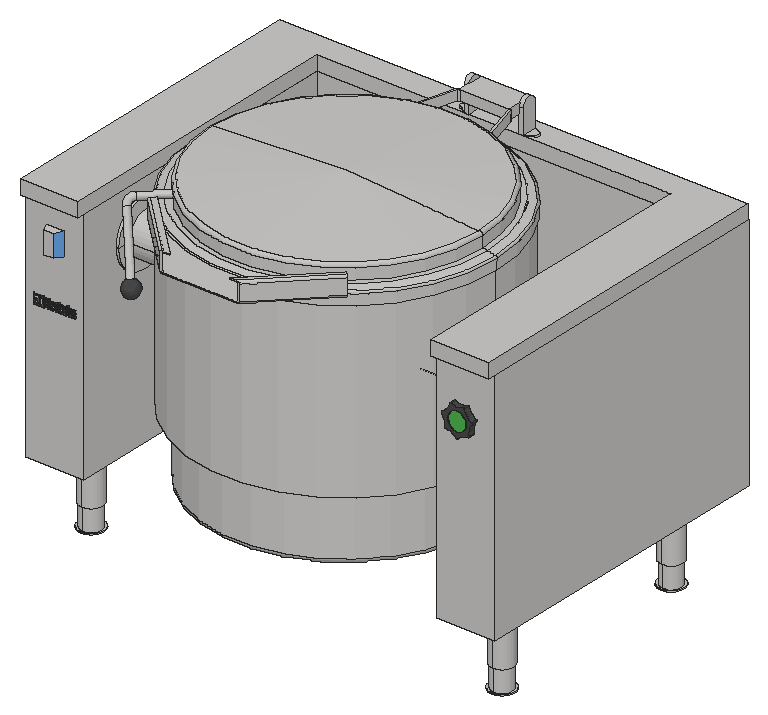
Revit family "QF_ELECTROLUXPROFESSIONAL_587190_PBOT15TCJO", category Attrezzature speciali, Revit 2020 (continued)
Definition of nested family "QF_ELECTROLUXPROFESSIONAL_PBOTSNB900_LEFT"
  Automatic sketch dimensions
    Extrusion 4 sketch curve to Extrusion 4 sketch curve = 1.257 mm  (x2)
    Extrusion 4 sketch curve to Extrusion 4 sketch curve = 2.771 mm
    Extrusion 4 sketch curve to Extrusion 4 sketch curve = 1.497 mm
    Extrusion 4 sketch curve to Extrusion 4 sketch curve = 1.979 mm
    Extrusion 4 sketch curve to Extrusion 4 sketch curve = 1.653 mm
    Extrusion 4 sketch curve to Extrusion 4 sketch curve = 0.085 mm
    Extrusion 4 sketch curve to Extrusion 4 sketch curve = 0.315 mm
    Extrusion 4 sketch curve to Extrusion 4 sketch curve = 3.811 mm
    Extrusion 4 sketch curve to Extrusion 4 sketch curve = 2.136 mm  (x2)
    Extrusion 4 sketch curve to Extrusion 4 sketch curve = 2.352 mm  (x2)
    Extrusion 4 sketch curve to Extrusion 4 sketch curve = 3.797 mm
    Extrusion 4 sketch curve to Extrusion 4 sketch curve = 1.528 mm
    Extrusion 4 sketch curve to Extrusion 4 sketch curve = 1.476 mm  (x2)
    Extrusion 4 sketch curve to Extrusion 4 sketch curve = 1.469 mm  (x2)
    Extrusion 4 sketch curve to Extrusion 4 sketch curve = 3.728 mm
    Extrusion 4 sketch curve to Extrusion 4 sketch curve = 0.046 mm
    Extrusion 4 sketch curve to Extrusion 4 sketch curve = 0.177 mm
    Extrusion 4 sketch curve to Extrusion 4 sketch curve = 0.947 mm
    Extrusion 4 sketch curve to Extrusion 4 sketch curve = 0.308 mm
    Extrusion 4 sketch curve to Extrusion 4 sketch curve = 0.091 mm
    Extrusion 4 sketch curve to Extrusion 4 sketch curve = 2.375 mm
    Extrusion 4 sketch curve to Extrusion 4 sketch curve = 0.94 mm
    Extrusion 4 sketch curve to Extrusion 4 sketch curve = 0.54 mm
    Extrusion 4 sketch curve to Extrusion 4 sketch curve = 0.102 mm
    Extrusion 4 sketch curve to Extrusion 4 sketch curve = 0.002 mm  (x4)
    Extrusion 4 sketch curve to Extrusion 4 sketch curve = 0.105 mm
    Extrusion 4 sketch curve to Extrusion 4 sketch curve = 0.097 mm
    Extrusion 4 sketch curve to plane 3 "Center (Left/Right)" = 0.241 mm
    Extrusion 4 sketch curve to plane 3 "Center (Left/Right)" = 0.412 mm
    Extrusion 4 sketch curve to plane 3 "Center (Left/Right)" = 2.074 mm
    Extrusion 4 sketch curve to Extrusion 4 sketch curve = 1.777 mm
    Extrusion 4 sketch curve to plane 3 "Center (Left/Right)" = 2.704 mm
    Extrusion 4 sketch curve to Extrusion 4 sketch curve = 1.001 mm
    Extrusion 4 sketch curve to Extrusion 4 sketch curve = 1.393 mm  (x2)
    Extrusion 4 sketch curve to Extrusion 4 sketch curve = 2.363 mm
    Extrusion 4 sketch curve to Extrusion 4 sketch curve = 2.253 mm
    Extrusion 4 sketch curve to Extrusion 4 sketch curve = 0.014 mm  (x4)
    Extrusion 4 sketch curve to Extrusion 4 sketch curve = 0.172 mm
    Extrusion 4 sketch curve to Extrusion 4 sketch curve = 0.096 mm
    Extrusion 4 sketch curve to Extrusion 4 sketch curve = 0.164 mm
    Extrusion 4 sketch curve to Extrusion 4 sketch curve = 0.298 mm
    Extrusion 4 sketch curve to Extrusion 4 sketch curve = 0.247 mm
    Extrusion 4 sketch curve to Extrusion 4 sketch curve = 0.084 mm
    Extrusion 4 sketch curve to Extrusion 4 sketch curve = 6.484 mm
    Extrusion 4 sketch curve to Extrusion 4 sketch curve = 2.596 mm
    Extrusion 4 sketch curve to Extrusion 4 sketch curve = 0.059 mm  (x2)
    Extrusion 4 sketch curve to Extrusion 4 sketch curve = 3.889 mm
    Extrusion 4 sketch curve to Extrusion 4 sketch curve = 6.029 mm
    Extrusion 4 sketch curve to Extrusion 4 sketch curve = 0.929 mm
    Extrusion 4 sketch curve to Extrusion 4 sketch curve = 1.102 mm
    Extrusion 4 sketch curve to Extrusion 4 sketch curve = 0.756 mm  (x2)
    Extrusion 4 sketch curve to Extrusion 4 sketch curve = 0.852 mm
    Extrusion 4 sketch curve to Extrusion 4 sketch curve = 0.108 mm
    Extrusion 4 sketch curve to Extrusion 4 sketch curve = 0.101 mm
    Extrusion 4 sketch curve to Extrusion 4 sketch curve = 0.072 mm
    Extrusion 4 sketch curve to Extrusion 4 sketch curve = 1.67 mm
    Extrusion 4 sketch curve to Extrusion 4 sketch curve = 1.834 mm
    Extrusion 4 sketch curve to Extrusion 4 sketch curve = 0.366 mm
    Extrusion 4 sketch curve to Extrusion 4 sketch curve = 0.993 mm
    Extrusion 4 sketch curve to Extrusion 4 sketch curve = 0.81 mm
    Extrusion 4 sketch curve to Extrusion 4 sketch curve = 1.026 mm  (x2)
    Extrusion 4 sketch curve to Extrusion 4 sketch curve = 4.272 mm
    Extrusion 4 sketch curve to Extrusion 4 sketch curve = 0.163 mm
    Extrusion 4 sketch curve to Extrusion 4 sketch curve = 0.551 mm
    plane 14 to Extrusion 4 sketch curve = 6.023 mm
    Extrusion 4 sketch curve to Extrusion 4 sketch curve = 1.451 mm
    plane 14 to Extrusion 4 sketch curve = 5.28 mm
    Extrusion 4 sketch curve to Extrusion 4 sketch curve = 0.045 mm  (x2)
    Extrusion 4 sketch curve to Extrusion 4 sketch curve = 0.241 mm
    Extrusion 4 sketch curve to Extrusion 4 sketch curve = 0.039 mm
    Extrusion 4 sketch curve to Extrusion 4 sketch curve = 1.134 mm
    Extrusion 4 sketch curve to Extrusion 4 sketch curve = 2.351 mm
    Extrusion 4 sketch curve to plane 14 = 0.874 mm
    Extrusion 4 sketch curve to Extrusion 4 sketch curve = 10.128 mm
    Extrusion 4 sketch curve to Extrusion 4 sketch curve = 0.956 mm
    Extrusion 4 sketch curve to Extrusion 4 sketch curve = 1.263 mm
    Extrusion 4 sketch curve to Extrusion 4 sketch curve = 2.577 mm
    Extrusion 4 sketch curve to Extrusion 4 sketch curve = 0.243 mm
    Extrusion 4 sketch curve to Extrusion 4 sketch curve = 0.031 mm
    Extrusion 4 sketch curve to Extrusion 4 sketch curve = 7.148 mm
    Extrusion 4 sketch curve to Extrusion 4 sketch curve = 1.502 mm
    Extrusion 4 sketch curve to Extrusion 4 sketch curve = 11.54 mm
    Extrusion 4 sketch curve to Extrusion 4 sketch curve = 11.758 mm
    Extrusion 4 sketch curve to Extrusion 4 sketch curve = 4.097 mm
    Extrusion 4 sketch curve to Extrusion 4 sketch curve = 0.011 mm
    Extrusion 4 sketch curve to Extrusion 4 sketch curve = 4.488 mm
    plane 18 "CHW" to Extrusion 4 sketch curve = 191.223 mm
    Extrusion 4 sketch curve to Extrusion 4 sketch curve = 3.444 mm  (x2)
    Extrusion 4 sketch curve to Extrusion 4 sketch curve = 3.777 mm
    Extrusion 4 sketch curve to Extrusion 4 sketch curve = 1.093 mm
    Extrusion 4 sketch curve to Extrusion 4 sketch curve = 1.192 mm
    Extrusion 4 sketch curve to Extrusion 4 sketch curve = 0.319 mm
    Extrusion 4 sketch curve to Extrusion 4 sketch curve = 5.798 mm
    Extrusion 4 sketch curve to Extrusion 4 sketch curve = 2.021 mm
    Extrusion 4 sketch curve to Extrusion 4 sketch curve = 2.357 mm  (x3)
    Extrusion 4 sketch curve to Extrusion 4 sketch curve = 0.892 mm  (x3)
    Extrusion 4 sketch curve to Extrusion 4 sketch curve = 1.018 mm
    Extrusion 4 sketch curve to Extrusion 4 sketch curve = 3.382 mm  (x2)
    Extrusion 4 sketch curve to Extrusion 4 sketch curve = 2.117 mm
    Extrusion 4 sketch curve to Extrusion 4 sketch curve = 0.195 mm  (x2)
    Extrusion 4 sketch curve to Extrusion 4 sketch curve = 0.295 mm  (x2)
    Extrusion 4 sketch curve to Extrusion 4 sketch curve = 0.618 mm
    Extrusion 4 sketch curve to Extrusion 4 sketch curve = 0.385 mm  (x2)
    Extrusion 4 sketch curve to Extrusion 4 sketch curve = 1.626 mm  (x2)
    Extrusion 4 sketch curve to Extrusion 4 sketch curve = 1.65 mm
    Extrusion 4 sketch curve to Extrusion 4 sketch curve = 1.662 mm
    Extrusion 4 sketch curve to Extrusion 4 sketch curve = 0.013 mm  (x2)
    Extrusion 4 sketch curve to Extrusion 4 sketch curve = 0.292 mm
    Extrusion 4 sketch curve to Extrusion 4 sketch curve = 0.107 mm  (x2)
    Extrusion 4 sketch curve to Extrusion 4 sketch curve = 0.068 mm  (x2)
    Extrusion 4 sketch curve to Extrusion 4 sketch curve = 0.968 mm
    Extrusion 4 sketch curve to Extrusion 4 sketch curve = 0.365 mm
    Extrusion 4 sketch curve to Extrusion 4 sketch curve = 2.361 mm
    Extrusion 4 sketch curve to Extrusion 4 sketch curve = 2.359 mm
    Extrusion 4 sketch curve to Extrusion 4 sketch curve = 0.531 mm  (x2)
    Extrusion 4 sketch curve to Extrusion 4 sketch curve = 0.928 mm  (x2)
    Extrusion 4 sketch curve to Extrusion 4 sketch curve = 1.058 mm
    Extrusion 4 sketch curve to Extrusion 4 sketch curve = 0.297 mm  (x2)
    Extrusion 4 sketch curve to Extrusion 4 sketch curve = 0.155 mm  (x2)
    Extrusion 4 sketch curve to Extrusion 4 sketch curve = 1.305 mm
    Extrusion 4 sketch curve to Extrusion 4 sketch curve = 1.037 mm
    Extrusion 4 sketch curve to Extrusion 4 sketch curve = 0.182 mm  (x2)
    Extrusion 4 sketch curve to Extrusion 4 sketch curve = 0.607 mm  (x2)
    Extrusion 4 sketch curve to Extrusion 4 sketch curve = 0.304 mm  (x2)
    Extrusion 4 sketch curve to Extrusion 4 sketch curve = 0.372 mm  (x2)
    Extrusion 4 sketch curve to Extrusion 4 sketch curve = 0.016 mm  (x2)
    Extrusion 4 sketch curve to Extrusion 4 sketch curve = 0.996 mm
    Extrusion 4 sketch curve to Extrusion 4 sketch curve = 0.93 mm
    Extrusion 4 sketch curve to Extrusion 4 sketch curve = 0.709 mm  (x2)
    Extrusion 4 sketch curve to Extrusion 4 sketch curve = 1.752 mm
    Extrusion 4 sketch curve to Extrusion 4 sketch curve = 1.017 mm
    Extrusion 4 sketch curve to Extrusion 4 sketch curve = 4.718 mm
    Extrusion 4 sketch curve to Extrusion 4 sketch curve = 0.891 mm
    Extrusion 4 sketch curve to Extrusion 4 sketch curve = 3.826 mm
    Extrusion 4 sketch curve to Extrusion 4 sketch curve = 1.696 mm
    Extrusion 4 sketch curve to Extrusion 4 sketch curve = 0.954 mm
    Extrusion 4 sketch curve to Extrusion 4 sketch curve = 5.576 mm
    Extrusion 4 sketch curve to Extrusion 4 sketch curve = 5.657 mm  (x2)
    Extrusion 4 sketch curve to Extrusion 4 sketch curve = 5.661 mm  (x2)
    Extrusion 4 sketch curve to Extrusion 4 sketch curve = 0.006 mm
    Extrusion 4 sketch curve to Extrusion 4 sketch curve = 1.499 mm
    Extrusion 4 sketch curve to Extrusion 4 sketch curve = 7.186 mm
    Extrusion 4 sketch curve to Extrusion 4 sketch curve = 2.203 mm
    Extrusion 4 sketch curve to Extrusion 4 sketch curve = 2.21 mm
    Extrusion 4 sketch curve to Extrusion 4 sketch curve = 1.607 mm
    Extrusion 4 sketch curve to Extrusion 4 sketch curve = 3.479 mm
    Extrusion 4 sketch curve to Extrusion 4 sketch curve = 3.92 mm
    Extrusion 4 sketch curve to Extrusion 4 sketch curve = 0.05 mm
    Extrusion 4 sketch curve to Extrusion 4 sketch curve = 1.776 mm
    Extrusion 4 sketch curve to Extrusion 4 sketch curve = 4.017 mm
    Extrusion 4 sketch curve to Extrusion 4 sketch curve = 0.196 mm  (x2)
    Extrusion 4 sketch curve to Extrusion 4 sketch curve = 0.19 mm
    Extrusion 4 sketch curve to Extrusion 4 sketch curve = 1.312 mm
    Extrusion 4 sketch curve to Extrusion 4 sketch curve = 0.146 mm
    Extrusion 4 sketch curve to Extrusion 4 sketch curve = 2.831 mm
    Extrusion 4 sketch curve to Extrusion 4 sketch curve = 0.387 mm
    Extrusion 4 sketch curve to Extrusion 4 sketch curve = 0.174 mm
    Extrusion 4 sketch curve to Extrusion 4 sketch curve = 4.623 mm
    Extrusion 4 sketch curve to Extrusion 4 sketch curve = 1.754 mm
    Extrusion 4 sketch curve to Extrusion 4 sketch curve = 0.188 mm
    Extrusion 4 sketch curve to Extrusion 4 sketch curve = 0.02 mm
    Extrusion 4 sketch curve to Extrusion 4 sketch curve = 0.313 mm
    Extrusion 4 sketch curve to Extrusion 4 sketch curve = 0.12 mm
    Extrusion 4 sketch curve to Extrusion 4 sketch curve = 0.062 mm
    Extrusion 4 sketch curve to Extrusion 4 sketch curve = 0.568 mm
    Extrusion 4 sketch curve to Extrusion 4 sketch curve = 1.763 mm
    Extrusion 4 sketch curve to Extrusion 4 sketch curve = 0.095 mm
    Extrusion 4 sketch curve to Extrusion 4 sketch curve = 1.817 mm
    Extrusion 4 sketch curve to Extrusion 4 sketch curve = 0.357 mm
    Extrusion 4 sketch curve to Extrusion 4 sketch curve = 0.008 mm
    Extrusion 4 sketch curve to Extrusion 4 sketch curve = 0.36 mm
    Extrusion 4 sketch curve to Extrusion 4 sketch curve = 3.784 mm
    Extrusion 4 sketch curve to Extrusion 4 sketch curve = 1.654 mm
    Extrusion 4 sketch curve to Extrusion 4 sketch curve = 1.454 mm
    Extrusion 4 sketch curve to Extrusion 4 sketch curve = 1.705 mm
    Extrusion 4 sketch curve to Extrusion 4 sketch curve = 1.893 mm
    Extrusion 4 sketch curve to Extrusion 4 sketch curve = 3.429 mm
    Extrusion 4 sketch curve to Extrusion 4 sketch curve = 1.094 mm
    Extrusion 4 sketch curve to Extrusion 4 sketch curve = 2.218 mm
    Extrusion 4 sketch curve to Extrusion 4 sketch curve = 1.404 mm
    Extrusion 4 sketch curve to Extrusion 4 sketch curve = 5.763 mm
    Extrusion 4 sketch curve to Extrusion 4 sketch curve = 2.932 mm  (x2)
    Extrusion 4 sketch curve to Extrusion 4 sketch curve = 5.959 mm
    Extrusion 4 sketch curve to Extrusion 4 sketch curve = 1.424 mm
    Extrusion 4 sketch curve to Extrusion 4 sketch curve = 3.23 mm
    Extrusion 4 sketch curve to Extrusion 4 sketch curve = 1.975 mm
    Extrusion 4 sketch curve to Extrusion 4 sketch curve = 3.779 mm
    Extrusion 4 sketch curve to Extrusion 4 sketch curve = 2.212 mm
    Extrusion 4 sketch curve to Extrusion 4 sketch curve = 3.78 mm
    Extrusion 4 sketch curve to Extrusion 4 sketch curve = 1.279 mm
    Extrusion 4 sketch curve to Extrusion 4 sketch curve = 1.343 mm  (x2)
    Extrusion 4 sketch curve to Extrusion 4 sketch curve = 1.353 mm  (x2)
    Extrusion 4 sketch curve to Extrusion 4 sketch curve = 0.027 mm  (x2)
    Extrusion 4 sketch curve to Extrusion 4 sketch curve = 0.395 mm  (x2)
    Extrusion 4 sketch curve to Extrusion 4 sketch curve = 0.329 mm  (x2)
    Extrusion 4 sketch curve to Extrusion 4 sketch curve = 0.425 mm  (x2)
    Extrusion 4 sketch curve to Extrusion 4 sketch curve = 0.051 mm  (x2)
    Extrusion 4 sketch curve to Extrusion 4 sketch curve = 0.495 mm  (x2)
    Extrusion 4 sketch curve to Extrusion 4 sketch curve = 0.267 mm  (x2)
    Extrusion 4 sketch curve to Extrusion 4 sketch curve = 1.4 mm
    Extrusion 4 sketch curve to Extrusion 4 sketch curve = 5.233 mm
    Extrusion 4 sketch curve to Extrusion 4 sketch curve = 2.062 mm
    Extrusion 5 sketch curve to plane 13 "HW_CW" = 0.0 mm  (x2)
    Extrusion 5 sketch curve to plane 15 = 0.0 mm
    Extrusion 5 sketch curve to plane 14 = 0.0 mm
    Extrusion 6 sketch curve to plane 3 "Center (Left/Right)" = 0.0 mm
    Extrusion 6 sketch curve to plane 16 "SteamO" = 0.0 mm
    Extrusion 7 sketch curve to plane 3 "Center (Left/Right)" = 0.0 mm
    Extrusion 7 sketch curve to plane 17 "STEAM" = 0.0 mm
    radius of Extrusion 2 sketch curve = 6.35 mm  (x2)
    radius of Extrusion 4 sketch curve = 2.453 mm
    radius of Extrusion 4 sketch curve = 1.557 mm
    radius of Extrusion 4 sketch curve = 1.468 mm
    radius of Extrusion 4 sketch curve = 2.451 mm
    radius of Extrusion 5 sketch curve = 5.0 mm  (x2)
    radius of Extrusion 6 sketch curve = 12.7 mm
    radius of Extrusion 7 sketch curve = 12.7 mm
Definition of nested family "QF_ELECTROLUXPROFESSIONAL_PBOTSMAN900_RIGHT"
  Parameters
    Width = 160.0 mm
    Steam_z = 140.0 mm
    Steam_y = 239.0 mm
    Right = Width / 2  # 80.0 mm
    Default Elevation = 0.0 mm
    Left = -Width / 2  # -80.0 mm
    Htop = 40.0 mm
    Height = 900.0 mm
    H_Man = 730.0 mm
    HBase = 200.0 mm
    EI_z = 250.0 mm
    EI_y = 312.0 mm
    Depth = 900.0 mm
    BorderFront = 20.0 mm
    Body Finish [instance] = none
  Reference planes
    plane 1 "Center (Front/Back)": y = 0
    plane 2: z = 0
    plane 3 "Center (Left/Right)": x = 0
    plane 4 "LEFT": x = -80
    plane 5 "RIGHT": x = 80
    plane 6 "BACK": y = 450
    plane 7 "FRONT": y = -450
    plane 8 "Base": z = 200
    plane 9 "TOP": z = 900
    plane 10 "BorderFront": y = -430
    plane 11: z = 860
    plane 12 "EI": z = 450
    plane 13: y = 138
    plane 14 "STEAM_y": y = 211
    plane 15 "Steam_z": z = 340
    plane 16: z = 730
  Forms (mm)
    Extrusion 1, solid
      sketch origin (0, 0, 0) x (1, 0, 0) y (0, 1, 0)
        loop
          line (-80, 450) -> (-80, -430) -> (80, -430) -> (80, 450) -> (-80, 450)
      from 860 to 200
    Extrusion 2, solid
      sketch origin (0, -430, 0) x (-1, 0, 0) y (0, 0, 1)
        loop
          circle (0, 730) r 20
      from 0 to -15
    Extrusion 3, solid
      sketch origin (0, 450, 0) x (-1, 0, 0) y (0, 0, 1)
        loop
          circle (0, 450) r 5
      from 0 to 2
    Extrusion 4, solid
      sketch origin (0, 0, 200) x (0, 1, 0) y (-1, 0, 0)
        loop
          circle (138, 0) r 10
      from 0 to -3
    Extrusion 5, solid
      sketch origin (0, 0, 200) x (0, 1, 0) y (-1, 0, 0)
        loop
          circle (211, 0) r 12.7
      from 0 to -3
    Extrusion 6, solid
      sketch origin (0, 450, 0) x (-1, 0, 0) y (0, 0, 1)
        loop
          circle (0, 340) r 12.7
      from 0 to 3
    Extrusion 7, solid
      sketch origin (0, -430, 0) x (-1, 0, 0) y (0, 0, 1)
        loop
          circle (0, 730) r 25
        loop
          arc (32.154, 702.068) -> (34.039, 703.003) -> (34.542, 705.047) r 2.5
          arc (34.542, 705.047) -> (34.866, 722.153) -> (42.205, 737.608) r 40.622
          arc (42.205, 737.608) -> (42.662, 739.682) -> (41.359, 741.359) r 2.5
          arc (41.359, 741.359) -> (27.929, 752.374) -> (20.328, 767.992) r 40.622
          arc (20.328, 767.992) -> (18.977, 769.659) -> (16.832, 769.665) r 2.5
          arc (16.832, 769.665) -> (-0.034, 765.787) -> (-16.984, 769.281) r 40.622
          arc (-16.984, 769.281) -> (-19.093, 769.244) -> (-20.423, 767.608) r 2.5
          arc (-20.423, 767.608) -> (-28.052, 752.219) -> (-41.359, 741.359) r 40.622
          arc (-41.359, 741.359) -> (-42.662, 739.682) -> (-42.205, 737.608) r 2.5
          arc (-42.205, 737.608) -> (-34.866, 722.153) -> (-34.542, 705.047) r 40.622
          arc (-34.542, 705.047) -> (-34.039, 703.003) -> (-32.154, 702.068) r 2.5
          arc (-32.154, 702.068) -> (-15.447, 697.989) -> (-1.926, 687.362) r 40.622
          arc (-1.926, 687.362) -> (0, 686.456) -> (1.926, 687.362) r 2.5
          arc (1.926, 687.362) -> (15.447, 697.989) -> (32.154, 702.068) r 40.622
      from -15 to -30
    Extrusion 8, solid
      sketch origin (0, -430, 0) x (-1, 0, 0) y (0, 0, 1)
        loop
          circle (0, 730) r 25
      from -30 to -15
  Lines and regions (mm)
    symbolic lines
      curve 1: line (-80, 450, 0) -> (80, 450, 0)
      curve 2: line (80, 450, 0) -> (80, -430, 0)
  Dimensions and locks
    "Width": plane 4 "LEFT" to plane 5 "RIGHT"
    equal spacing: plane 4 "LEFT", plane 3 "Center (Left/Right)", plane 5 "RIGHT"
    equal spacing: plane 6 "BACK", plane 1 "Center (Front/Back)", plane 7 "FRONT"
    "Depth": plane 6 "BACK" to plane 7 "FRONT"
    "BorderFront": plane 10 "BorderFront" to plane 7 "FRONT"
    "Htop": plane 9 "TOP" to plane 11
    "Height": plane 9 "TOP" to level
    "HBase": plane 8 "Base" to level
    "EI_y": plane 6 "BACK" to plane 13
    "EI_z": plane 12 "EI" to plane 8 "Base"
    "Steam_y": plane 6 "BACK" to plane 14 "STEAM_y"
    plane 15 "Steam_z" to plane 8 "Base" = 140.0 mm
    "H_Man": plane 16 to level
    aligned and locked: level to plane 2
    aligned and locked: plane 10 "BorderFront" to Extrusion 1 sketch curve
    aligned and locked: plane 11 to Extrusion 1
    aligned and locked: Extrusion 1 to plane 8 "Base"
    aligned and locked: plane 4 "LEFT" to Extrusion 1 sketch curve
    aligned and locked: Extrusion 1 sketch curve to plane 5 "RIGHT"
    aligned and locked: Extrusion 1 sketch curve to plane 6 "BACK"
  Automatic sketch dimensions
    Extrusion 3 sketch curve to plane 3 "Center (Left/Right)" = 0.0 mm
    Extrusion 3 sketch curve to plane 12 "EI" = 0.0 mm
    curve 1 to plane 4 "LEFT" = 0.0 mm
    curve 1 to plane 5 "RIGHT" = 0.0 mm
    curve 2 to plane 10 "BorderFront" = 0.0 mm
    curve 1 to plane 6 "BACK" = 0.0 mm
    Extrusion 4 sketch curve to plane 3 "Center (Left/Right)" = 0.0 mm
    Extrusion 4 sketch curve to plane 13 = 0.0 mm
    Extrusion 5 sketch curve to plane 3 "Center (Left/Right)" = 0.0 mm
    Extrusion 5 sketch curve to plane 14 "STEAM_y" = 0.0 mm
    Extrusion 6 sketch curve to plane 3 "Center (Left/Right)" = 0.0 mm
    Extrusion 6 sketch curve to plane 15 "Steam_z" = 0.0 mm
    Extrusion 2 sketch curve to plane 3 "Center (Left/Right)" = 0.0 mm
    Extrusion 2 sketch curve to plane 16 = 0.0 mm
    Extrusion 7 sketch curve to plane 3 "Center (Left/Right)" = 0.0 mm  (x2)
    Extrusion 7 sketch curve to plane 16 = 0.0 mm
    plane 3 "Center (Left/Right)" to Extrusion 7 sketch curve = 0.496 mm
    plane 3 "Center (Left/Right)" to Extrusion 7 sketch curve = 17.999 mm
    plane 3 "Center (Left/Right)" to Extrusion 7 sketch curve = 32.088 mm
    plane 3 "Center (Left/Right)" to Extrusion 7 sketch curve = 33.218 mm
    plane 16 to Extrusion 7 sketch curve = 9.132 mm  (x2)
    Extrusion 7 sketch curve to Extrusion 7 sketch curve = 8.135 mm  (x2)
    Extrusion 7 sketch curve to plane 5 "RIGHT" = 20.191 mm
    Extrusion 7 sketch curve to plane 5 "RIGHT" = 5.593 mm
    Extrusion 7 sketch curve to plane 3 "Center (Left/Right)" = 17.898 mm
    Extrusion 7 sketch curve to plane 3 "Center (Left/Right)" = 32.088 mm
    Extrusion 7 sketch curve to plane 3 "Center (Left/Right)" = 33.218 mm
    plane 4 "LEFT" to Extrusion 7 sketch curve = 20.191 mm
    plane 4 "LEFT" to Extrusion 7 sketch curve = 5.593 mm
    Extrusion 7 sketch curve to plane 16 = 17.153 mm  (x2)
    Extrusion 7 sketch curve to plane 16 = 25.433 mm  (x2)
    Extrusion 7 sketch curve to Extrusion 7 sketch curve = 15.61 mm
    Extrusion 7 sketch curve to Extrusion 7 sketch curve = 27.496 mm
    Extrusion 7 sketch curve to Extrusion 7 sketch curve = 27.864 mm
    Extrusion 7 sketch curve to Extrusion 7 sketch curve = 0.408 mm
    Extrusion 7 sketch curve to Extrusion 7 sketch curve = 10.145 mm
    plane 3 "Center (Left/Right)" to Extrusion 7 sketch curve = 1.926 mm
    Extrusion 7 sketch curve to Extrusion 7 sketch curve = 0.0 mm  (x13)
    Extrusion 7 sketch curve to Extrusion 7 sketch curve = 1.015 mm
    Extrusion 7 sketch curve to Extrusion 7 sketch curve = 1.136 mm
    Extrusion 7 sketch curve to Extrusion 7 sketch curve = 1.982 mm
    Extrusion 8 sketch curve to plane 3 "Center (Left/Right)" = 0.0 mm
    Extrusion 8 sketch curve to plane 16 = 0.0 mm
    radius of Extrusion 3 sketch curve = 5.0 mm
    radius of Extrusion 4 sketch curve = 10.0 mm
    radius of Extrusion 5 sketch curve = 12.7 mm
    radius of Extrusion 6 sketch curve = 12.7 mm
    radius of Extrusion 2 sketch curve = 20.0 mm
    radius of Extrusion 7 sketch curve = 25.0 mm
    radius of Extrusion 8 sketch curve = 25.0 mm
Definition of nested family "QF_ELECTROLUXPROFESSIONAL_2FEET_THL_120xH200"
  Parameters
    Width = 120.0 mm
    Right = Width / 2  # 60.0 mm
    Default Elevation = 0.0 mm
    Left = -Width / 2  # -60.0 mm
    Height = 200.0 mm
    HBase = Height - 15.0 mm  # 185.0 mm
    Depth = 880.0 mm
  Reference planes
    plane 1 "Center (Front/Back)": y = 0
    plane 2: z = 0
    plane 3 "Center (Left/Right)": x = 0
    plane 4 "LEFT": x = -60
    plane 5 "RIGHT": x = 60
    plane 6 "BACK": y = 440
    plane 7 "FRONT": y = -440
    plane 8 "Base": z = 185
    plane 9 "TOP": z = 200
    plane 10: y = 283
    plane 11: y = -304
    plane 12: y = 368
    plane 13: y = -388
    plane 14: x = -80
  Forms (mm)
    Extrusion 1, solid
      sketch origin (0, 0, 200) x (0, 1, 0) y (-1, 0, 0)
        loop
          line (368, 60) -> (-388, 60) -> (-388, -60) -> (368, -60) -> (368, 60)
      from 0 to -15
    Revolve 2, solid
      sketch origin (0, 0, 0) x (0, 1, 0) y (0, 0, 1)
        loop
          line (283, 0) -> (318, 0) -> (318, 2) -> (311.179, 2) -> (311.179, 63) -> (314.75, 63) -> (314.75, 185) -> (283, 185) -> (283, 0)
        axis (283, 185) -> (283, 0)
      angle from 0 to 360
    Revolve 3, solid
      sketch origin (0, 0, 0) x (0, 1, 0) y (0, 0, 1)
        loop
          line (-304, 185) -> (-304, 0) -> (-269, 0) -> (-269, 2) -> (-275.821, 2) -> (-275.821, 63) -> (-272.25, 63) -> (-272.25, 185) -> (-304, 185)
        axis (-304, 185) -> (-304, 0)
      angle from 0 to 360
  Dimensions and locks
    "Width": plane 4 "LEFT" to plane 5 "RIGHT"
    equal spacing: plane 4 "LEFT", plane 3 "Center (Left/Right)", plane 5 "RIGHT"
    equal spacing: plane 6 "BACK", plane 1 "Center (Front/Back)", plane 7 "FRONT"
    "Depth": plane 6 "BACK" to plane 7 "FRONT"
    "HBase": plane 8 "Base" to level
    "Height": plane 9 "TOP" to level
    locked: plane 6 "BACK" to plane 10 at 157
    locked: plane 10 to plane 11 at 587
    plane 6 "BACK" to plane 12 = 72.0 mm
    plane 13 to plane 7 "FRONT" = 52.0 mm
    plane 12 to plane 13 = 756.0 mm
    plane 14 to plane 3 "Center (Left/Right)" = 80.0 mm
    aligned and locked: level to plane 2
    aligned and locked: Extrusion 1 sketch curve to plane 5 "RIGHT"
    aligned and locked: plane 4 "LEFT" to Extrusion 1 sketch curve
    aligned and locked: Extrusion 1 to plane 8 "Base"
    aligned and locked: Extrusion 1 sketch curve to plane 12
    aligned and locked: plane 13 to Extrusion 1 sketch curve
  Automatic sketch dimensions
    Revolve 2 sketch curve to level = 0.0 mm
    Revolve 2 sketch curve to plane 10 = 0.0 mm  (x2)
    Revolve 2 sketch curve to plane 8 "Base" = 0.0 mm
    plane 10 to Revolve 2 sketch curve = 28.179 mm
    Revolve 2 sketch curve to Revolve 2 sketch curve = 31.75 mm
    Revolve 2 sketch curve to Revolve 2 sketch curve = 6.821 mm
    level to Revolve 2 sketch curve = 2.0 mm
    Revolve 2 sketch curve to Revolve 2 sketch curve = 61.0 mm
    Revolve 2 sketch curve to level = 50.0 mm
    plane 9 "TOP" to Revolve 2 sketch curve = 70.0 mm
    Revolve 3 sketch curve to plane 11 = 0.0 mm
    Revolve 3 sketch curve to level = 0.0 mm
    Revolve 3 sketch curve to plane 10 = 587.0 mm
    Revolve 3 sketch curve to plane 8 "Base" = 0.0 mm
    Revolve 3 sketch curve to plane 10 = 558.821 mm
    Revolve 3 sketch curve to Revolve 3 sketch curve = 3.571 mm
    Revolve 3 sketch curve to Revolve 3 sketch curve = 6.821 mm
    level to Revolve 3 sketch curve = 2.0 mm
    Revolve 3 sketch curve to Revolve 3 sketch curve = 61.0 mm
    Revolve 3 sketch curve to level = 180.0 mm
    plane 9 "TOP" to Revolve 3 sketch curve = 205.0 mm
Definition of nested family "QF_ELECTROLUXPROFESSIONAL_PBOT900_LEVEL1"
  Parameters
    Default Elevation = 0.0 mm
    Assembly Code = ""
  Reference planes
    plane 1 "Center (Front/Back)": y = 0
    plane 2: z = 0
    plane 3 "Center (Left/Right)": x = 0
  Forms (mm)
    Sweep 1, solid
      path origin (0, 0, 0) x (1, 0, 0) y (0, 0.5, 0.866025)
        loop
          line (0, 0) -> (-80, 0)
          arc (-80, 0) -> (-94.142, -5.858) -> (-100, -20) r 20
          line (-100, -20) -> (-100, -200)
      profile origin (-40, 0, 0) x (0, -0.5, -0.866025) y (0, -0.866025, 0.5)
        loop
          circle (0, 0) r 9
    Revolve 2, solid
      sketch origin (-20, 0, 0) x (1, 0, 0) y (0, 0.5, 0.866025)
        loop
          arc (-57.5, -200) -> (-80, -177.5) -> (-102.5, -200) r 22.5
          line (-102.5, -200) -> (-57.5, -200)
        axis (-102.5, -200) -> (-57.5, -200)
      angle from 0 to 360
  Lines and regions (mm)
    symbolic lines
      curve 1: line (0, -9, 0) -> (-80, -9, 0)
      curve 2: line (0, 9, 0) -> (-80, 9, 0)
      curve 3: line (-91, -80, 0) -> (-91, -15, 0)
      curve 4: line (-109, -80, 0) -> (-109, -10, 0)
      curve 5: arc (-109, -10, 0) -> (-97.335, 3.827, 0) -> (-80, 9, 0) r 31.632
      curve 6: arc (-91, -15, 0) -> (-86.265, -10.598, 0) -> (-80, -9, 0) r 13.083
      curve 7: spline (-77.953, -100, 0) -> (-78.704, -94.175, 0) -> (-80.907, -88.747, 0) -> (-84.41, -84.087, 0) -> (-88.977, -80.51, 0) -> (-94.294, -78.262, 0) -> (-100, -77.495, 0) -> (-105.706, -78.262, 0) -> (-111.023, -80.51, 0) -> (-115.59, -84.087, 0) -> (-119.093, -88.747, 0) -> (-121.296, -94.175, 0) -> (-122.047, -100, 0) -> (-121.296, -105.825, 0) -> (-119.093, -111.253, 0) -> (-115.59, -115.913, 0) -> (-111.023, -119.49, 0) -> (-105.706, -121.738, 0) -> (-100, -122.505, 0) -> (-94.294, -121.738, 0) -> (-88.977, -119.49, 0) -> (-84.41, -115.913, 0) -> (-80.907, -111.253, 0) -> (-78.704, -105.825, 0) -> (-77.953, -100, 0)
  Dimensions and locks
    aligned and locked: level to plane 2
